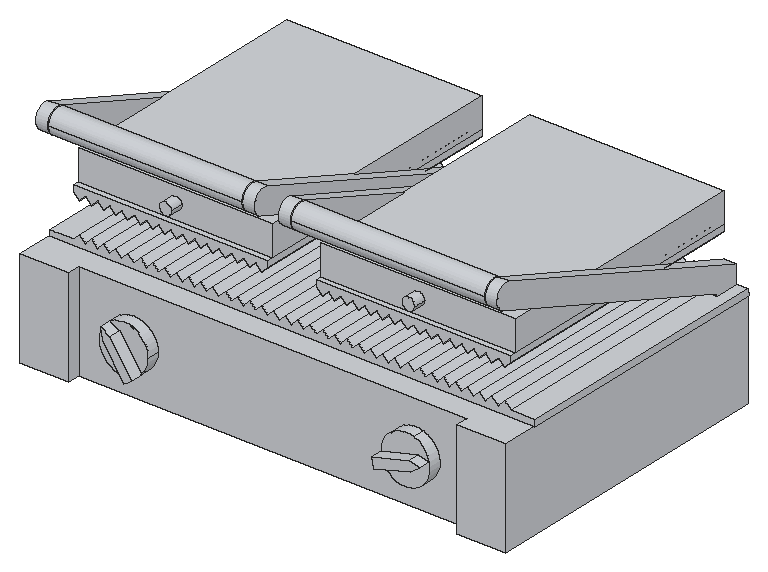
Revit family
Parameters
  Volts = 220
  Phase = 0
  Model = "P2L"
  Hertz = 60
  Description = "PANINI GRILL"
  Assembly Code = "E1090300"
  Amps = 0
Reference planes (in)
  plane 1 "Center (Front/Back)": y = 0
  plane 2: z = 0
  plane 3 "Center (Left/Right)": x = 0
Forms (in)
  Extrusion 1, solid
    sketch origin (0, 0, 0) x (1, 0, 0) y (0, 1, 0)
      loop
        line (0, 0) -> (2, 0) -> (2, 0.5) -> (18, 0.5) -> (18, 0) -> (20, 0) -> (20, 12.5) -> (0, 12.5) -> (0, 0)
    from 0 to 4
  Extrusion 2, solid
    sketch origin (0, 12.5, 0) x (1, 0, 0) y (0, 0, 1)
      loop
        line (20, 4) -> (20, 4.25) -> (19, 4.25) -> (18.75, 4.5) -> (18.5, 4.25) -> (18.25, 4.5) -> (18, 4.25) -> (17.75, 4.5) -> (17.5, 4.25) -> (17.25, 4.5) -> (17, 4.25) -> (16.75, 4.5) -> (16.5, 4.25) -> (16.25, 4.5) -> (16, 4.25) -> (15.75, 4.5) -> (15.5, 4.25) -> (15.25, 4.5) -> (15, 4.25) -> (14.75, 4.5) -> (14.5, 4.25) -> (14.25, 4.5) -> (14, 4.25) -> (13.75, 4.5) -> (13.5, 4.25) -> (13.25, 4.5) -> (13, 4.25) -> (12.75, 4.5) -> (12.5, 4.25) -> (12.25, 4.5) -> (12, 4.25) -> (11.75, 4.5) -> (11.5, 4.25) -> (11.25, 4.5) -> (11, 4.25) -> (10.75, 4.5) -> (10.5, 4.25) -> (10.25, 4.5) -> (10, 4.25) -> (9.75, 4.5) -> (9.5, 4.25) -> (9.25, 4.5) -> (9, 4.25) -> (8.75, 4.5) -> (8.5, 4.25) -> (8.25, 4.5) -> (8, 4.25) -> (7.75, 4.5) -> (7.5, 4.25) -> (7.25, 4.5) -> (7, 4.25) -> (6.75, 4.5) -> (6.5, 4.25) -> (6.25, 4.5) -> (6, 4.25) -> (5.75, 4.5) -> (5.5, 4.25) -> (5.25, 4.5) -> (5, 4.25) -> (4.75, 4.5) -> (4.5, 4.25) -> (4.25, 4.5) -> (4, 4.25) -> (3.75, 4.5) -> (3.5, 4.25) -> (3.25, 4.5) -> (3, 4.25) -> (2.75, 4.5) -> (2.5, 4.25) -> (2.25, 4.5) -> (2, 4.25) -> (1.75, 4.5) -> (1.5, 4.25) -> (1.25, 4.5) -> (1, 4.25) -> (0, 4.25) -> (0, 4) -> (20, 4)
    from 0 to 11
  Extrusion 3, solid
    sketch origin (0, 12.5, 10.25) x (1, 0, 0) y (0, 0, 1)
      loop
        line (1, -4.25) -> (1.25, -4.5) -> (1.5, -4.25) -> (1.75, -4.5) -> (2, -4.25) -> (2.25, -4.5) -> (2.5, -4.25) -> (2.75, -4.5) -> (3, -4.25) -> (3.25, -4.5) -> (3.5, -4.25) -> (3.75, -4.5) -> (4, -4.25) -> (4.25, -4.5) -> (4.5, -4.25) -> (4.75, -4.5) -> (5, -4.25) -> (5.25, -4.5) -> (5.5, -4.25) -> (5.75, -4.5) -> (6, -4.25) -> (6.25, -4.5) -> (6.5, -4.25) -> (6.75, -4.5) -> (7, -4.25) -> (7.25, -4.5) -> (7.5, -4.25) -> (7.75, -4.5) -> (8, -4.25) -> (8.25, -4.5) -> (8.5, -4.25) -> (8.75, -4.5) -> (9, -4.25) -> (9, -4) -> (1, -4) -> (1, -4.25)
    from 0 to 11
  Extrusion 4, solid
    sketch origin (20, 12.5, 10.25) x (-1, 0, 0) y (0, 0, -1)
      loop
        line (1, 4.25) -> (1, 4) -> (9, 4) -> (9, 4.25) -> (8.75, 4.5) -> (8.5, 4.25) -> (8.25, 4.5) -> (8, 4.25) -> (7.75, 4.5) -> (7.5, 4.25) -> (7.25, 4.5) -> (7, 4.25) -> (6.75, 4.5) -> (6.5, 4.25) -> (6.25, 4.5) -> (6, 4.25) -> (5.75, 4.5) -> (5.5, 4.25) -> (5.25, 4.5) -> (5, 4.25) -> (4.75, 4.5) -> (4.5, 4.25) -> (4.25, 4.5) -> (4, 4.25) -> (3.75, 4.5) -> (3.5, 4.25) -> (3.25, 4.5) -> (3, 4.25) -> (2.75, 4.5) -> (2.5, 4.25) -> (2.25, 4.5) -> (2, 4.25) -> (1.75, 4.5) -> (1.5, 4.25) -> (1.25, 4.5) -> (1, 4.25)
    from 0 to 11
  Extrusion 5, solid
    sketch origin (0, 12.5, 11) x (1, 0, 0) y (0, 0, 1)
      loop
        line (9, -4.75) -> (9, -3.5) -> (1, -3.5) -> (1, -4.75) -> (9, -4.75)
    from 0 to 10.75
  Extrusion 6, solid
    sketch origin (10, 12.5, 11) x (1, 0, 0) y (0, 0, 1)
      loop
        line (9, -4.75) -> (9, -3.5) -> (1, -3.5) -> (1, -4.75) -> (9, -4.75)
    from 0 to 10.75
  Extrusion 7, solid
    sketch origin (2.27361, 0.5, 0) x (1, 0, 0) y (0, 0, 1)
      loop
        circle (2, 2) r 1
    from 0 to 0.5
  Extrusion 8, solid
    sketch origin (14.71178, 0.5, 4.57352) x (-0.350192, 0, -0.936678) y (0.936678, 0, -0.350192)
      loop
        circle (2, 2) r 1
    from 0 to 0.5
  Extrusion 9, solid
    sketch origin (0, 0, 0) x (1, 0, 0) y (0, 0, 1)
      loop
        line (3.70162, 2.82026) -> (3.7796, 2.36779) -> (4.6748, 1.08401)
        arc (4.6748, 1.08401) -> (4.84559, 1.17974) -> (4.99446, 1.30691) r 1
        line (4.99446, 1.30691) -> (4.09925, 2.59069) -> (3.70162, 2.82026)
    from 0 to 0.5
  Extrusion 10, solid
    sketch origin (15.50798, 0, 6.70316) x (-0.350192, 0, -0.936678) y (0.936678, 0, -0.350192)
      loop
        line (3.70162, 2.82026) -> (3.7796, 2.36779) -> (4.6748, 1.08401)
        arc (4.6748, 1.08401) -> (4.84559, 1.17974) -> (4.99446, 1.30691) r 1
        line (4.99446, 1.30691) -> (4.09925, 2.59069) -> (3.70162, 2.82026)
    from 0 to 0.5
  Extrusion 11, solid
    sketch origin (0, 1.75, 0) x (1, 0, 0) y (0, 0, 1)
      loop
        circle (5, 6.875) r 0.25
    from 0 to 0.5
  Extrusion 12, solid
    sketch origin (10, 1.75, 0) x (1, 0, 0) y (0, 0, 1)
      loop
        circle (5, 6.875) r 0.25
    from 0 to 0.5
  Extrusion 13, solid
    sketch origin (0.5, 0, 0) x (0, 1, 0) y (0, 0, 1)
      loop
        line (12.5, 4) -> (12.5, 5) -> (0.85837, 9.4688)
        arc (0.85837, 9.4688) -> (0.21239, 9.1812) -> (0.5, 8.53522) r 0.5
        line (0.5, 8.53522) -> (11.5, 4.31272) -> (11.5, 4) -> (12.5, 4)
    from 0 to 0.5
  Extrusion 14, solid
    sketch origin (9, 0, 0) x (0, 1, 0) y (0, 0, 1)
      loop
        line (12.5, 4) -> (12.5, 5) -> (0.85837, 9.4688)
        arc (0.85837, 9.4688) -> (0.21239, 9.1812) -> (0.5, 8.53522) r 0.5
        line (0.5, 8.53522) -> (11.5, 4.31272) -> (11.5, 4) -> (12.5, 4)
    from 0 to 0.5
  Extrusion 15, solid
    sketch origin (1, 0, 0) x (0, 1, 0) y (0, 0, 1)
      loop
        circle (0.67918, 9.00201) r 0.5
    from 0 to 8
  Extrusion 16, solid
    sketch origin (10.5, 0, 0) x (0, 1, 0) y (0, 0, 1)
      loop
        line (12.5, 4) -> (12.5, 5) -> (0.85837, 9.4688)
        arc (0.85837, 9.4688) -> (0.21239, 9.1812) -> (0.5, 8.53522) r 0.5
        line (0.5, 8.53522) -> (11.5, 4.31272) -> (11.5, 4) -> (12.5, 4)
    from 0 to 0.5
  Extrusion 17, solid
    sketch origin (19, 0, 0) x (0, 1, 0) y (0, 0, 1)
      loop
        line (12.5, 4) -> (12.5, 5) -> (0.85837, 9.4688)
        arc (0.85837, 9.4688) -> (0.21239, 9.1812) -> (0.5, 8.53522) r 0.5
        line (0.5, 8.53522) -> (11.5, 4.31272) -> (11.5, 4) -> (12.5, 4)
    from 0 to 0.5
  Extrusion 18, solid
    sketch origin (11, 0, 0) x (0, 1, 0) y (0, 0, 1)
      loop
        circle (0.67918, 9.00201) r 0.5
    from 0 to 8
Cuts and joins
  joined: Extrusion 7, Extrusion 9
  joined: Extrusion 8, Extrusion 10
